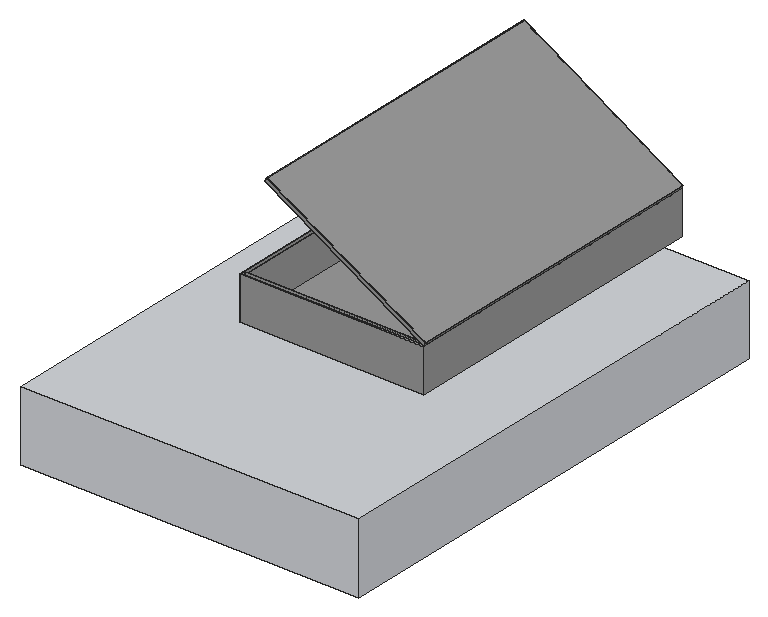
Revit family "Hager-Univers-IP44-D205-H1400-Cl.I-encl-NL-en", category Equipement électrique, Revit 2020
Family settings
  Hôte = Face
  Configuration du panneau = Deux colonnes, circuits au sein
  Cote de connecteur circulaire = Utiliser le diamètre
  Type d'élément = Tableau de raccordement
  Couper avec des vides une fois chargée = Non
  Partagée = Non
  Point de calcul de pièce = Non
Parameters (values of type "Surface mounted (plaster) IP44 W800 H1400 D205  - FP93QT")
  Width Control [instance] = if([EF000008 - Width] > Min Width, [EF000008 - Width], Min Width)  # 800 mm
  Commentaires du type = [HG000003 - Range]  # "Univers"
  Thickness Door [instance] = if([EF009171 - Material plate thickness door/cover] > 3 mm, 3 mm, [EF009171 - Material plate thickness door/cover])  # 1 mm
  Seal Frame Offset [instance] = 17 mm  # constant formula
  Plinth Visibility [instance] = [HG000027 - Plinth height] > 0 mm  # no
  Model = ""
  Min Width [instance] = 100 mm  # constant formula
  Min Height [instance] = 100 mm  # constant formula
  Min Depth [instance] = (2 * [EF009170 - Material plate thickness cabinet]) + 1 mm  # 3 mm
  Internal Frame Depth [instance] = (Door System Depth * 0.5)  # 9 mm
  Height Control [instance] = if([EF000040 - Height] > Min Height, [EF000040 - Height], Min Height)  # 1400 mm
  HG000027 - Plinth height = 0 mm
  HG000026 - Floor standing = no
  HG000024 - Bottom section height = 800 mm
  HG000023 - Double section enclosure = no
  HG000016 - Door 3d visibility [instance] = yes
  HG000015 - Clearance visibility [instance] = no
  HG000014 - Door on the right [instance] = yes
  HG000013 - Door on the left [instance] = not([HG000014 - Door on the right])  # no
  HG000012 - Door swing angle [instance] = 30.00°
  HG000010 - Asymmetric doors = no
  HG000009 - Double swing door = no
  HG000006 - Flush mounted = no
  HG000004 - Manufacturer reference = "FP93QT"
  HG000003 - Range = "Univers"
  HG000002 - With door or cover = yes
  Frame Offset Bottom [instance] = 10 mm  # constant formula
  Frame Offset [instance] = 15 mm  # constant formula
  EF015940 - Cover with overpressure release = no
  EF011959 - Degree of protection (NEMA) = ""
  EF009554 - Number of openings for flange plates = 6
  EF009212 - Cover model = "EV000116 - Closed"
  EF009171 - Material plate thickness door/cover = 1 mm
  EF009170 - Material plate thickness cabinet = 1 mm
  Fabricant = "Hager"  # constant formula
  EF008873 - Nominal current (In) = 250 A
  EF007800 - Suitable for lightning protection = no
  EF006306 - With lock = no
  EF006244 - Transparent cover/door = no
  EF005474 - Degree of protection (IP) = "EV006418 - IP44"
  EF004464 - Type of door = "EV002646 - Single"
  EF004427 - Number of modules = 324
  EF004293 - Impact strength = "EV006815 - IK09"
  EF003532 - Suitable for outdoor use = no
  EF002950 - Width in number of modular spacings = 36
  EF001613 - Circuit integrity = "EV000494 - None"
  EF001596 - Material housing = "EV000179 - Steel"
  EF001131 - Internal depth = 130 mm
  EF001088 - Extension possible = yes
  EF000437 - Number of conduit inlets = 6
  EF000339 - Type of cover = "EV001012 - Cover"
  EF000266 - Number of rows = 9
  EF000218 - Built-in depth = 0 mm
  EF000118 - With mounting plate = no
  EF000116 - RAL-number = "9010"
  EF000049 - Depth = 205 mm
  EF000040 - Height = 1400 mm
  EF000008 - Width = 800 mm
  EF000007 - Colour = "EV000202 - White"
  EF000003 - Mounting method = "EV000384 - Surface mounted (plaster)"
  Door System Leaf Tolerance [instance] = 1.5 mm  # constant formula
  Door System Depth [instance] = 18 mm  # constant formula
  Door Height [instance] = Height Control - [HG000027 - Plinth height]  # 1400 mm
  Depth Control [instance] = if([EF000049 - Depth] > Min Depth, [EF000049 - Depth], Min Depth)  # 205 mm
  Default Elevation = 0 mm
  Connector Offset [instance] = Height Control / 2  # 700 mm
  Bottom Top Plate Trim [instance] = 1.5 mm  # constant formula
  Plinth height Ctrl [instance] = if([HG000027 - Plinth height] > 0 mm, [HG000027 - Plinth height], 12 mm)  # 12 mm
Types (4, lengths in mm): name | Width Control | HG000004 - Manufacturer reference | EF009554 - Number of openings for flange plates | EF004464 - Type of door | EF004427 - Number of modules | EF002950 - Width in number of modular spacings | EF000437 - Number of conduit inlets | EF000008 - Width
  Surface mounted (plaster) IP44 W1300 H1400 D205  - FP95QT | 1300 | "FP95QT" | 10 | "EV003602 - Double" | 540 | 60 | 10 | 1300
  Surface mounted (plaster) IP44 W300 H1400 D205  - FP91QT | 300 | "FP91QT" | 2 | "EV002646 - Single" | 108 | 12 | 2 | 300
  Surface mounted (plaster) IP44 W550 H1400 D205  - FP92QT | 550 | "FP92QT" | 4 | "EV002646 - Single" | 216 | 24 | 4 | 550
  Surface mounted (plaster) IP44 W800 H1400 D205  - FP93QT | 800 | "FP93QT" | 6 | "EV002646 - Single" | 324 | 36 | 6 | 800
Reference planes
  plane 1 "Center (Front/Back)": y = 0
  plane 2: z = 0
  plane 3 "Center (Left/Right)": x = 0
  plane 4: z = 205
  plane 5: y = 1
  plane 6: y = 700
  plane 7: y = 0
  plane 8: y = 1400
  plane 9: z = 0
  plane 10: x = -385
  plane 11: x = 385
  plane 12: x = 384
  plane 13: x = -384
  plane 14: y = 1399
  plane 15: x = -383
  plane 16: x = -400
  plane 17: x = 383
  plane 18: x = 400
  plane 19: x = 399
  plane 20: x = -399
  plane 21: y = 11
  plane 22: y = 1400
  plane 23: y = 1384
  plane 24: z = 187
  plane 25: z = 1
  plane 26: z = 186
  plane 27: z = 204
Forms (mm)
  Extrusion 1, solid
    sketch origin (0, 0, 0) x (1, 0, 0) y (0, 1, 0)
      loop
        line (-702.964, 1305) -> (-702.964, -811.445) -> (766.763, -811.445) -> (766.763, 1305) -> (-702.964, 1305)
    from 0 to -304.8
  Extrusion 2, solid, material "Hager_Steel_RAL7035_Light_Grey", visible <- "Plinth Visibility", detail levels medium+fine
    sketch origin (0, 0, 0) x (1, 0, 0) y (0, 1, 0)
      loop
        line (-400, 0) -> (400, 0) -> (400, 12) -> (-400, 12) -> (-400, 0)
    from 0 to 187
  Extrusion 3, solid, material "Hager_Steel_RAL7035_Light_Grey", detail levels medium+fine
    sketch origin (0, 0, 0) x (1, 0, 0) y (0, 1, 0)
      loop
        line (-400, 0) -> (400, 0) -> (400, 1400) -> (-400, 1400) -> (-400, 0)
    from 0 to 187
  Extrusion 4, void
    sketch origin (0, 0, 0) x (1, 0, 0) y (0, 1, 0)
      loop
        line (-399, 1) -> (399, 1) -> (399, 1399) -> (-399, 1399) -> (-399, 1)
    from 1 to 186
  Extrusion 5, void
    sketch origin (-381.607, -4572, 187) x (0, -1, 0) y (-1, 0, 0)
      loop
        line (-4583, 2.393) -> (-5956, 2.393) -> (-5956, -765.607) -> (-4583, -765.607) -> (-4583, 2.393)
    from 0 to 1 <- "EF009170 - Material plate thickness cabinet"
  Extrusion 6, solid, material "Hager_Steel_RAL7035_Light_Grey", detail levels fine
    sketch origin (0, 0, 187) x (1, 0, 0) y (0, 1, 0)
      loop
        line (-384, 1384) -> (-384, 11) -> (384, 11) -> (384, 1384) -> (-384, 1384)
      loop
        line (-385, 10) -> (385, 10) -> (385, 1385) -> (-385, 1385) -> (-385, 10)
    from 0 to 9 <- "Internal Frame Depth"
  Extrusion 7, solid, material "Hager_Steel_RAL7035_Light_Grey", detail levels coarse
    sketch origin (0, 0, 0) x (1, 0, 0) y (0, 1, 0)
      loop
        line (-400, 0) -> (400, 0) -> (400, 1400) -> (-400, 1400) -> (-400, 0)
    from 0 to 205
  Sweep 8, void
    path in 3D
      loop
        line (-400, 12, 0) -> (400, 12, 0) -> (400, 12, 187) -> (-400, 12, 187) -> (-400, 12, 0)
    profile origin (-400, 12, 93.5) x (-1, 0, 0) y (0, -1, 0)
      loop
        line (0, 0) -> (0, 1.5) -> (-1.5, 1.5)
        arc (-1.5, 1.5) -> (-1.061, 0.439) -> (0, 0) r 1.5
Cuts and joins
  Extrusion 4, Extrusion 5 cuts Extrusion 3
  Sweep 8 cuts Extrusion 2
Lines and regions (mm)
  Masking region 1
    outline origin (0, 0, 0) x (1, 0, 0) y (0, 0, 1)
      loop
        line (-400, 205) -> (-400, 0) -> (400, 0) -> (400, 205) -> (-400, 205)
  Masking region 2, detail levels medium+fine
    outline origin (0, 140, 0) x (0, 1, 0) y (0, 0, 1)
      loop
        line (-140, 0) -> (1260, 0) -> (1260, 187) -> (-140, 187) -> (-140, 0)
  Masking region 3, not visible, detail levels medium+fine
    outline origin (0, 297.922, 0) x (0, 1, 0) y (0, 0, 1)
      loop
        line (413.578, 0) -> (453.578, 0) -> (453.578, 194)
        arc (453.578, 194) -> (450.649, 201.071) -> (443.578, 204) r 10
        line (443.578, 204) -> (413.578, 204) -> (413.578, 0)
  Masking region 4, detail levels coarse
    outline origin (0, 0, 180) x (0, 1, 0) y (0, 0, 1)
      loop
        line (0, -180) -> (1400, -180) -> (1400, 25) -> (0, 25) -> (0, -180)
  Masking region 5, visible <- "Plinth Visibility", detail levels medium+fine
    outline origin (0, 52.24, 12.345) x (0, 0, -1) y (0, 1, 0)
      loop
        line (10.845, -40.24) -> (-173.155, -40.24)
        arc (-173.155, -40.24) -> (-173.594, -41.301) -> (-174.655, -41.74) r 1.5
        line (-174.655, -41.74) -> (-174.655, -52.24) -> (12.345, -52.24) -> (12.345, -41.74)
        arc (12.345, -41.74) -> (11.285, -41.301) -> (10.845, -40.24) r 1.5
  Masking region 6, detail levels medium+fine
    outline origin (-381.607, -4572, 187) x (-1, 0, 0) y (0, -1, 0)
      loop
        line (18.393, -5972) -> (18.393, -4572) -> (-781.607, -4572) -> (-781.607, -5972) -> (18.393, -5972)
  Masking region 7, visible <- "Plinth Visibility", detail levels medium+fine
    outline origin (-381.607, -4727, 187) x (-1, 0, 0) y (0, -1, 0)
      loop
        arc (16.893, -4739) -> (17.332, -4737.939) -> (18.393, -4737.5) r 1.5
        line (18.393, -4737.5) -> (18.393, -4727) -> (-781.607, -4727) -> (-781.607, -4737.5)
        arc (-781.607, -4737.5) -> (-780.546, -4737.939) -> (-780.107, -4739) r 1.5
        line (-780.107, -4739) -> (16.893, -4739)
  Masking region 8, detail levels coarse
    outline origin (-442.548, -4669.526, 187) x (-1, 0, 0) y (0, -1, 0)
      loop
        line (-42.548, -6069.526) -> (-42.548, -4669.526) -> (-842.548, -4669.526) -> (-842.548, -6069.526) -> (-42.548, -6069.526)
  sketch lines
    curve 1: line (-400, 12, 187) -> (-400, 12, 0)
    curve 2: line (400, 12, 187) -> (-400, 12, 187)
    curve 3: line (400, 12, 187) -> (400, 12, 0)
    curve 4: line (-400, 12, 0) -> (400, 12, 0)
Dimensions and locks
  "Depth Control": plane 4 to Extrusion 1
  "HG000027 - Plinth height": plane 1 "Center (Front/Back)" to plane 7
  "EF009170 - Material plate thickness cabinet": plane 5 to plane 7
  locked: connector elem to plane 3 "Center (Left/Right)"
  equal spacing: plane 8, plane 6, plane 7
  locked: connector elem to plane 6
  "EF009170 - Material plate thickness cabinet": plane 8 to plane 14
  "EF009170 - Material plate thickness cabinet": plane 10 to plane 13
  "EF009170 - Material plate thickness cabinet": plane 12 to plane 11
  "Frame Offset": plane 20 to plane 13
  "Frame Offset": plane 12 to plane 19
  "EF009170 - Material plate thickness cabinet": plane 16 to plane 20
  "EF009170 - Material plate thickness cabinet": plane 19 to plane 18
  "Seal Frame Offset": plane 16 to plane 15
  "Seal Frame Offset": plane 17 to plane 18
  "Frame Offset Bottom": plane 21 to plane 5
  "Frame Offset": plane 14 to plane 23
  equal spacing: plane 16, plane 3 "Center (Left/Right)", plane 18
  "Width Control": plane 16 to plane 18
  "EF009170 - Material plate thickness cabinet": plane 4 to plane 27
  "EF009170 - Material plate thickness cabinet": plane 24 to plane 26
  "EF009170 - Material plate thickness cabinet": plane 25 to level
  "Door System Depth": plane 4 to plane 24
  "Height Control": plane 1 "Center (Front/Back)" to Extrusion 7 sketch curve
  "Height Control": Masking region 4 sketch curve to plane 1 "Center (Front/Back)"
  "Height Control": plane 1 "Center (Front/Back)" to plane 22
  "Bottom Top Plate Trim": profile plane to Sweep 8 sketch curve
  "Bottom Top Plate Trim": Sweep 8 sketch curve to profile plane
  "Plinth height Ctrl": plane 1 "Center (Front/Back)" to Extrusion 2 sketch curve
  "Plinth height Ctrl": Masking region 5 sketch curve to plane 1 "Center (Front/Back)"
  "Plinth height Ctrl": plane 1 "Center (Front/Back)" to Masking region 7 sketch curve
  "Thickness Door": Extrusion 6 sketch curve to Extrusion 6 sketch curve  (x3)
  "Thickness Door": cut or joined group of Extrusion 3, Extrusion 4, Extrusion 5 to Extrusion 6 sketch curve
  radius of Masking region 3 sketch curve = 10 mm
  "Bottom Top Plate Trim": radius of Masking region 5 sketch curve  (x2)
  "Bottom Top Plate Trim": radius of Sweep 8 sketch curve
  "Bottom Top Plate Trim": radius of Masking region 7 sketch curve  (x2)
  aligned and locked: plane 2 to Extrusion 1
  aligned and locked: level to Extrusion 1
  aligned and locked: level to Masking region 1 sketch curve
  aligned and locked: Masking region 1 sketch curve to plane 18
  aligned and locked: Masking region 1 sketch curve to plane 16
  aligned and locked: plane 7 to Masking region 2 sketch curve
  aligned and locked: level to Masking region 3 sketch curve
  aligned and locked: Masking region 3 sketch curve to plane 27
  aligned and locked: level to Masking region 2 sketch curve
  aligned and locked: plane 1 "Center (Front/Back)" to Extrusion 2 sketch curve
  aligned and locked: Extrusion 3 sketch curve to plane 7
  aligned and locked: plane 16 to Extrusion 3 sketch curve
  aligned and locked: plane 18 to Extrusion 3 sketch curve
  aligned and locked: plane 20 to Extrusion 4 sketch curve
  aligned and locked: plane 19 to Extrusion 4 sketch curve
  aligned and locked: Extrusion 4 sketch curve to plane 5
  aligned and locked: Extrusion 4 to plane 25
  aligned and locked: plane 26 to Extrusion 4
  aligned and locked: plane 24 to Extrusion 3
  aligned and locked: Extrusion 5 sketch curve to plane 21
  aligned and locked: Extrusion 5 sketch curve to plane 13
  aligned and locked: Extrusion 5 sketch curve to plane 12
  aligned and locked: plane 18 to Extrusion 7 sketch curve
  aligned and locked: plane 1 "Center (Front/Back)" to Extrusion 7 sketch curve
  aligned and locked: plane 16 to Extrusion 7 sketch curve
  aligned and locked: plane 4 to Extrusion 7
  aligned and locked: Extrusion 7 to level
  aligned and locked: level to Masking region 4 sketch curve
  aligned and locked: Masking region 4 sketch curve to plane 1 "Center (Front/Back)"
  aligned and locked: Masking region 4 sketch curve to plane 4
  aligned and locked: nested 1 to level
  aligned and locked: nested 1 to plane 16
  aligned and locked: plane 8 to Extrusion 3 sketch curve
  aligned and locked: plane 23 to Extrusion 5 sketch curve
  aligned and locked: plane 14 to Extrusion 4 sketch curve
  aligned and locked: Masking region 2 sketch curve to plane 8
  aligned and locked: level to Masking region 5 sketch curve
  aligned and locked: plane 16 to Extrusion 2 sketch curve
  aligned and locked: plane 18 to Extrusion 2 sketch curve
  aligned and locked: Masking region 5 sketch curve to plane 24
  aligned and locked: Masking region 2 sketch curve to plane 24
  aligned and locked: plane 24 to Extrusion 2
  aligned and locked: profile plane to Sweep 8 sketch curve  (x2)
  aligned and locked: Masking region 6 sketch curve to plane 18
  aligned and locked: Masking region 6 sketch curve to plane 22
  aligned and locked: Masking region 6 sketch curve to plane 16
  aligned and locked: plane 8 to plane 22
  aligned and locked: Masking region 6 sketch curve to plane 7
  aligned and locked: Masking region 7 sketch curve to plane 16
  aligned and locked: Masking region 7 sketch curve to plane 1 "Center (Front/Back)"
  aligned and locked: Masking region 7 sketch curve to plane 18
  aligned and locked: Masking region 8 sketch curve to plane 1 "Center (Front/Back)"
  aligned and locked: Masking region 8 sketch curve to plane 18
  aligned and locked: Masking region 8 sketch curve to plane 22
  aligned and locked: Masking region 8 sketch curve to plane 16
  aligned and locked: nested 2 to plane 7
  aligned and locked: plane 3 "Center (Left/Right)" to nested 2
  aligned and locked: nested 2 to plane 24
  aligned and locked: Extrusion 6 sketch curve to cut or joined group of Extrusion 3, Extrusion 4, Extrusion 5  (x4)
Automatic sketch dimensions
  Extrusion 1 sketch curve to Extrusion 1 sketch curve = 1469.727 mm
  Extrusion 1 sketch curve to Extrusion 1 sketch curve = 2116.445 mm
  Masking region 1 sketch curve to plane 4 = 0 mm
  plane 6 to Masking region 3 sketch curve = 11.5 mm
  Masking region 3 sketch curve to Masking region 3 sketch curve = 30 mm
  Masking region 5 sketch curve to plane 1 "Center (Front/Back)" = 0 mm
Nested families
  nested 1: "Hager_Enclosure_Symbol" at (-400, 0, 0) x (1, 0, 0) z (0, -1, 0), Height <- "Depth Control", Width <- "Width Control", type "Hager_Enclosure_Symbol"
    with Width_Ctrl 800 mm, Width 800 mm, Height_Ctrl 205 mm, Height 205 mm, A_Width_Int 13.453 mm, A_Width 161.438 mm, A_Height_Ctrl 179.375 mm, A_Height 179.375 mm
  nested 2: "EC000058_Univers_Door" at (0, 0, 187) x (1, 0, 0) z (0, 1, 0), Leaf_Tolerance <- "Door System Leaf Tolerance", Angle <- "HG000012 - Door swing angle", Door_Depth <- "Door System Depth", Door_Left <- "HG000013 - Door on the left", Transparent <- "EF006244 - Transparent cover/door", Assymetrical <- "HG000010 - Asymmetric doors", Width <- "Width Control", Clearance <- "HG000015 - Clearance visibility", Double <- "HG000009 - Double swing door", 3d_Door <- "HG000016 - Door 3d visibility", Lock_Visibility <- "EF006306 - With lock", Width_Ctrl <- "Width Control", Door_Right <- "HG000014 - Door on the right", Door <- "HG000002 - With door or cover", Height <- "Door Height", Thickness <- "Thickness Door", type "EC000058_Univers_Door", detail levels medium+fine
    with min_wh 3 mm, Width_Ctrl 800 mm, Width 800 mm, Transparent no, Thickness 1 mm, Seal_Material Hager_Rubber, Lock_Visibility no, Lock_Material Hager_Plastic_RAL9005_Jet_Black, Leaf_Width 800 mm, Leaf_Tolerance_External_Sides 0 mm, Leaf_Tolerance 1.5 mm, Leaf_Offset 0 mm, Leaf_Height 1397 mm, Leaf_2_Width 800 mm, Leaf_2_Offset 400 mm, Leaf_1_Width 800 mm, Leaf_1_Offset 400 mm, Height_Ctrl 1400 mm, Height 1400 mm, Glass_Material Hager_Glass, Double_Clearance_Ctrl no, Double no, Door_Right_Ctrl yes, Door_Right yes, Door_Material Hager_Steel_RAL7035_Light_Grey, Door_Left_Ctrl no, Door_Left no, Door_Depth 18 mm, Door yes, Clearance_Material Hager_Clearance, Clearance_Depth 800 mm, Clearance_Ctrl no, Clearance no, Assymetrical no, Angle 30.00°, 3d_Door yes
Connectors
  electrical at (0, 700, 0)
    settings: on plane 9, index 1, voltage 0 V, apparent load 0 VA, apparent load phase1 0 VA, apparent load phase2 0 VA, apparent load phase3 0 VA, power factor 1, load classification "Other", number of poles 1, system type 30, power factor state 1, is connector primary yes, connector utility no, sub classification motor no, connector description ""
Definition of nested family "EC000058_Univers_Door"
  Parameters (values of type "EC000058_Univers_Door")
    min_wh [instance] = (2 * Thickness) + 1 mm  # 11 mm
    Width_Ctrl [instance] = 400 mm
    Width [instance] = 500 mm
    Transparent [instance] = yes
    Thickness [instance] = 5 mm
    Seal_Material [instance] = none
    Lock_Visibility [instance] = yes
    Lock_Material [instance] = none
    Leaf_Width [instance] = if((Width_Ctrl - 2 * Leaf_Tolerance_External_Sides) > 0 mm, (Width_Ctrl - 2 * Leaf_Tolerance_External_Sides), min_wh)  # 400 mm
    Leaf_Tolerance_External_Sides [instance] = 0 mm  # constant formula
    Leaf_Tolerance [instance] = 1.5 mm
    Leaf_Offset [instance] = 0 mm  # constant formula
    Leaf_Height [instance] = if((Height_Ctrl - 2 * Leaf_Tolerance) > 0 mm, (Height_Ctrl - 2 * Leaf_Tolerance), min_wh)  # 497 mm
    Leaf_2_Width [instance] = if(and(and(Double, Assymetrical), Door_Left), (Leaf_Width / 3) - (Leaf_Tolerance / 2), if(and(and(Double, Assymetrical), Door_Right), (Leaf_Width / 3) * 2 - (Leaf_Tolerance / 2), if(and(Double, not(Assymetrical)), (Leaf_Width / 2) - Leaf_Tolerance, Leaf_Width)))  # 400 mm
    Leaf_2_Offset [instance] = if(and(Double, Assymetrical), Leaf_2_Width / 2, if(and(Double, not(Assymetrical)), Leaf_Width / 4, Leaf_Width / 2))  # 200 mm
    Leaf_1_Width [instance] = if(and(and(Double, Assymetrical), Door_Right), (Leaf_Width / 3) - (Leaf_Tolerance / 2), if(and(and(Double, Assymetrical), Door_Left), (Width / 3) * 2 - (Leaf_Tolerance / 2), if(and(Double, not(Assymetrical)), (Leaf_Width / 2) - Leaf_Tolerance, Leaf_Width)))  # 400 mm
    Leaf_1_Offset [instance] = if(and(Double, Assymetrical), Leaf_1_Width / 2, if(and(Double, not(Assymetrical)), Leaf_Width / 4, Leaf_Width / 2))  # 200 mm
    Height_Ctrl [instance] = if(Height > min_wh, Height, min_wh)  # 500 mm
    Height [instance] = 500 mm
    Glass_Material [instance] = none
    Double_Clearance_Ctrl [instance] = and(Double, Clearance)  # no
    Double [instance] = no
    Door_Right_Ctrl [instance] = and(or(Door_Right, Double), Door)  # yes
    Door_Right [instance] = yes
    Door_Material [instance] = none
    Door_Left_Ctrl [instance] = and(or(Door_Left, Double), Door)  # no
    Door_Left [instance] = no
    Door_Depth [instance] = 30 mm
    Door [instance] = yes
    Default Elevation = 1219.2 mm
    Clearance_Material [instance] = none
    Clearance_Depth [instance] = if(Leaf_1_Width > Leaf_2_Width, Leaf_1_Width, Leaf_2_Width)  # 400 mm
    Clearance_Ctrl [instance] = and(not(Double), Clearance)  # yes
    Clearance [instance] = yes
    Assymetrical [instance] = yes
    Angle [instance] = 30.00°
    3d_Door [instance] = yes
  Reference planes
    plane 1 "Center (Front/Back)": y = 0
    plane 2 "Bottom": z = 0
    plane 3 "Center (Left/Right)": x = 0
    plane 4: z = 500
    plane 5: x = -200
    plane 6: x = 200
    plane 7: z = 500
    plane 8: x = -200
    plane 9: z = 0
    plane 10: x = 200
    plane 11: y = 0
    plane 12: z = 1.5
    plane 13: x = -600
    plane 14: y = -400
    plane 15: x = 600
    plane 16: x = 0
    plane 17: x = 0
    plane 18: x = -200
    plane 19: x = 200
    plane 20: z = 498.5
  Forms (mm)
    Extrusion 1, solid, material <- "Clearance_Material", visible <- "Double_Clearance_Ctrl"
      sketch origin (1200, 0, 0) x (1, 0, 0) y (0, 0, -1)
        loop
          line (-1800, -498.5) -> (-600, -498.5) -> (-600, 0) -> (-1800, 0) -> (-1800, -498.5)
      from 0 to -400
  Dimensions and locks
    equal spacing: plane 5, plane 3 "Center (Left/Right)", plane 6
    "Width_Ctrl": plane 5 to plane 6
    "Leaf_Offset": plane 5 to plane 8
    "Leaf_Offset": plane 6 to plane 10
    "Leaf_Offset": plane 9 to level
    "Leaf_Offset": plane 4 to plane 7
    "Height_Ctrl": plane 4 to level
    "Leaf_Tolerance": plane 12 to plane 9
    locked: plane 11 to plane 1 "Center (Front/Back)"
    "Leaf_1_Offset": plane 18 to plane 16
    "Leaf_2_Offset": plane 17 to plane 19
    "Leaf_1_Width": plane 13 to plane 8
    "Leaf_2_Width": plane 10 to plane 15
    "Clearance_Depth": plane 14 to plane 1 "Center (Front/Back)"
    "Leaf_Tolerance_External_Sides": plane 8 to plane 18
    "Leaf_Tolerance_External_Sides": plane 19 to plane 10
    "Leaf_Tolerance": plane 7 to plane 20
    aligned and locked: level to plane 2 "Bottom"
    aligned and locked: nested 1 to plane 16
    aligned and locked: nested 2 to plane 17
    aligned and locked: Extrusion 1 to plane 13
    aligned and locked: plane 15 to Extrusion 1
    aligned and locked: Extrusion 1 to plane 14
    aligned and locked: plane 12 to nested 1
    aligned and locked: nested 2 to plane 12
    aligned and locked: Extrusion 1 to plane 11
    aligned and locked: plane 20 to Extrusion 1
    aligned and locked: nested 2 to plane 11
    aligned and locked: nested 1 to plane 11
  Automatic sketch dimensions
    Extrusion 1 sketch curve to level = 0 mm
    plane 5 to Extrusion 1 sketch curve = 400 mm
    plane 6 to Extrusion 1 sketch curve = 400 mm
    Extrusion 1 sketch curve to plane 4 = 1.5 mm
  Nested families
    nested 1: "EC000058_Univers_Door_Leaf" at (0, 0, 1.5), Width <- "Leaf_1_Width", visible <- "Door_Left_Ctrl", Leaf_Height <- "Leaf_Height", Angle <- "Angle", 3d_Door <- "3d_Door", Transparent <- "Transparent", Clearance Material <- "Clearance_Material", Clearance <- "Clearance_Ctrl", Door_Material <- "Door_Material", Glass_Material <- "Glass_Material", Door_Depth <- "Door_Depth", Lock_Material <- "Lock_Material", Seal_Material <- "Seal_Material", Lock_Visibility <- "Lock_Visibility", Thickness <- "Thickness", type "EC000058_Univers_Door_Leaf"
      with Width 400 mm, Transparent_Glass_Offset 30 mm, Transparent_Ctrl yes, Transparent yes, Thickness 5 mm, Standard no, Seal_Material none, Seal_D2 8 mm, Seal_D1 1 mm, Offset_Internal_Frame 10 mm, Lock_Width 20 mm, Lock_Visibility_3d yes, Lock_Visibility yes, Lock_Thickness_3 3 mm, Lock_Thickness_2 1 mm, Lock_Thickness_1 3 mm, Lock_Radius_Offset_2 16 mm, Lock_Radius_Offset_1 15 mm, Lock_Radius_2 5 mm, Lock_Radius 6 mm, Lock_Offset 5 mm, Lock_Material none, Lock_Height 80 mm, Lock_Cover_Top_Offset_2d 17 mm, Lock_Cover_Height -65 mm, Leaf_Height 497 mm, Internal_Seal_Thickness 8 mm, Internal_Seal_Depth_2 4.5 mm, Internal_Frame_Depth 25 mm, Glass_Thickness -1 mm, Glass_Offset -2 mm, Glass_Material none, Door_Material none, Door_Depth 30 mm, Clearance Material none, Clearance yes, Angle_Ctrl 30.00°, Angle 30.00°, 3d_Door yes
    nested 2: "EC000058_Univers_Door_Leaf" at (0, 0, 1.5) x (-1, 0, 0) z (0, 0, 1), Width <- "Leaf_2_Width", visible <- "Door_Right_Ctrl", Leaf_Height <- "Leaf_Height", Angle <- "Angle", 3d_Door <- "3d_Door", Transparent <- "Transparent", Clearance Material <- "Clearance_Material", Clearance <- "Clearance_Ctrl", Door_Material <- "Door_Material", Glass_Material <- "Glass_Material", Door_Depth <- "Door_Depth", Lock_Material <- "Lock_Material", Seal_Material <- "Seal_Material", Lock_Visibility <- "Lock_Visibility", Thickness <- "Thickness", type "EC000058_Univers_Door_Leaf"
      with Width 400 mm, Transparent_Glass_Offset 30 mm, Transparent_Ctrl yes, Transparent yes, Thickness 5 mm, Standard no, Seal_Material none, Seal_D2 8 mm, Seal_D1 1 mm, Offset_Internal_Frame 10 mm, Lock_Width 20 mm, Lock_Visibility_3d yes, Lock_Visibility yes, Lock_Thickness_3 3 mm, Lock_Thickness_2 1 mm, Lock_Thickness_1 3 mm, Lock_Radius_Offset_2 16 mm, Lock_Radius_Offset_1 15 mm, Lock_Radius_2 5 mm, Lock_Radius 6 mm, Lock_Offset 5 mm, Lock_Material none, Lock_Height 80 mm, Lock_Cover_Top_Offset_2d 17 mm, Lock_Cover_Height -65 mm, Leaf_Height 497 mm, Internal_Seal_Thickness 8 mm, Internal_Seal_Depth_2 4.5 mm, Internal_Frame_Depth 25 mm, Glass_Thickness -1 mm, Glass_Offset -2 mm, Glass_Material none, Door_Material none, Door_Depth 30 mm, Clearance Material none, Clearance yes, Angle_Ctrl 30.00°, Angle 30.00°, 3d_Door yes
  Definition of nested family "EC000058_Univers_Door_Leaf"
    Parameters (values of type "EC000058_Univers_Door_Leaf")
      Width [instance] = 2000 mm
      Transparent_Glass_Offset [instance] = 30 mm
      Transparent_Ctrl [instance] = and(Transparent, [3d_Door])  # yes
      Transparent [instance] = yes
      Thickness [instance] = 5 mm
      Standard [instance] = and(not(Transparent), [3d_Door])  # no
      Seal_Material [instance] = none
      Seal_D2 [instance] = 8 mm  # constant formula
      Seal_D1 [instance] = 1 mm  # constant formula
      Offset_Internal_Frame [instance] = 10 mm  # constant formula
      Lock_Width [instance] = 20 mm  # constant formula
      Lock_Visibility_3d [instance] = and(Lock_Visibility, [3d_Door])  # yes
      Lock_Visibility [instance] = yes
      Lock_Thickness_3 [instance] = 3 mm  # constant formula
      Lock_Thickness_2 [instance] = 1 mm  # constant formula
      Lock_Thickness_1 [instance] = 3 mm  # constant formula
      Lock_Radius_Offset_2 [instance] = Lock_Radius_Offset_1 + 1 mm  # 16 mm
      Lock_Radius_Offset_1 [instance] = 15 mm  # constant formula
      Lock_Radius_2 [instance] = Lock_Radius - 1 mm  # 5 mm
      Lock_Radius [instance] = 6 mm  # constant formula
      Lock_Offset [instance] = 5 mm  # constant formula
      Lock_Material [instance] = none
      Lock_Height [instance] = 80 mm  # constant formula
      Lock_Cover_Top_Offset_2d [instance] = Lock_Radius_Offset_2 + 1 mm  # 17 mm
      Lock_Cover_Height [instance] = -(Lock_Height - Lock_Radius_Offset_1)  # -65 mm
      Leaf_Height [instance] = 2720.336 mm
      Internal_Seal_Thickness [instance] = 8 mm  # constant formula
      Internal_Seal_Depth_2 [instance] = 4.5 mm  # constant formula
      Internal_Frame_Depth [instance] = if(Door_Depth - Thickness > 5 mm, Door_Depth - Thickness, 5 mm)  # 25 mm
      Glass_Thickness [instance] = if(Thickness > 15 mm, Glass_Offset + 10 mm, -1 mm)  # -1 mm
      Glass_Offset [instance] = if(Thickness > 15 mm, -(Thickness + 10 mm) / 2, -2 mm)  # -2 mm
      Glass_Material [instance] = none
      Door_Material [instance] = none
      Door_Depth [instance] = 30 mm
      Default Elevation = 0 mm
      Clearance Material [instance] = none
      Clearance [instance] = yes
      Angle_Ctrl [instance] = if(Angle > 180.00°, 180.00°, Angle)  # 90.00°
      Angle [instance] = 90.00°
      3d_Door [instance] = yes
    Reference planes
      plane 1 "Center (Front/Back)": y = 0
      plane 2: z = 0
      plane 3 "Center (Left/Right)": x = 0
      plane 4: y = 2000
      plane 5: x = -1000
      plane 6: x = 1000
      plane 7: x = -3000
      plane 8: z = 2720.336
      plane 9: z = 30
      plane 10: z = 2690.336
      plane 11: x = 970
      plane 12: x = -970
      plane 13: y = -3
      plane 14: z = 107.833
      plane 15: y = -5
      plane 16: y = -223.314
      plane 17: x = -1000
      plane 18: z = 1360.168
      plane 19: y = 30
    Forms (mm)
      Extrusion 1, solid, material <- "Clearance Material", visible <- "Clearance"
        sketch origin (0, 0, 0) x (1, 0, 0) y (0, 0, 1)
          loop
            line (-3000, 2720.336) -> (-3000, 0) -> (1000, 0) -> (1000, 2720.336) -> (-3000, 2720.336)
        from 0 to -2000
      Extrusion 2, solid, material <- "Door_Material", visible <- "Standard", detail levels medium+fine
        sketch origin (-1000, 0, 0) x (0, 1, 0) y (-1, 0, 0)
          loop
            line (0, 30) -> (0, 25) -> (2000, 25) -> (2000, 30) -> (0, 30)
        from 0 to 2720.336 <- "Leaf_Height"
      Extrusion 3, solid, material <- "Door_Material", visible <- "Transparent_Ctrl", detail levels medium+fine
        sketch origin (-1000, 0, 0) x (0, 1, 0) y (-1, 0, 0)
          loop
            line (0, 25) -> (2000, 25) -> (2000, 30) -> (0, 30) -> (0, 25)
        from 0 to 2720.336 <- "Leaf_Height"
      Extrusion 4, void
        sketch origin (-1025, 2000, 0) x (0, 1, 0) y (0, 0, -1)
          loop
            line (-30, -2690.336) -> (-30, -30) -> (-1970, -30) -> (-1970, -2690.336) -> (-30, -2690.336)
        from 0 to 5 <- "Thickness"
      Sweep 5, solid, material <- "Seal_Material", visible <- "Transparent_Ctrl", detail levels fine
        path in 3D
          loop
            line (-1025, 30, 30) -> (-1025, 30, 2690.336) -> (-1025, 1970, 2690.336) -> (-1025, 1970, 30) -> (-1025, 30, 30)
        profile origin (-1025, 1000, 30) x (1, 0, 0) y (0, 0, 1)
          loop
            line (0, 0) -> (0, -8) -> (1, -8) -> (1, 0) -> (0, 0)
      Extrusion 6, solid, material <- "Glass_Material", visible <- "Transparent_Ctrl", detail levels medium+fine
        sketch origin (-1030, 0, 0) x (0, 1, 0) y (0, 0, -1)
          loop
            line (1970, -2690.336) -> (1970, -30) -> (30, -30) -> (30, -2690.336) -> (1970, -2690.336)
        from -2 <- "Glass_Offset" to -1 <- "Glass_Thickness"
      Extrusion 7, solid, material <- "Door_Material", visible <- "3d_Door", detail levels medium+fine
        sketch origin (-1025, 2000, 0) x (0, -1, 0) y (0, 0, -1)
          loop
            line (0, -2720.336) -> (2000, -2720.336) -> (2000, 0) -> (0, 0) -> (0, -2720.336)
          loop
            line (1995, -5) -> (5, -5) -> (5, -2715.336) -> (1995, -2715.336) -> (1995, -5)
        from 0 to 25 <- "Internal_Frame_Depth"
      Sweep 8, solid, material <- "Seal_Material", visible <- "Transparent_Ctrl", detail levels fine
        path in 3D
          loop
            line (-1025, 0, 0) -> (-1025, 2000, 0) -> (-1025, 2000, 2720.336) -> (-1025, 0, 2720.336) -> (-1025, 0, 0)
        profile origin (-1025, 0, 1360.168) x (1, 0, 0) y (0, 1, 0)
          loop
            line (0, 10) -> (2.975, 10)
            arc (2.975, 10) -> (4.053, 10.447) -> (4.5, 11.525) r 1.525
            line (4.5, 11.525) -> (4.5, 16.527)
            arc (4.5, 16.527) -> (4.069, 17.569) -> (3.027, 18) r 1.473
            line (3.027, 18) -> (0, 18) -> (0, 10)
      Extrusion 9, solid, material <- "Lock_Material", visible <- "Lock_Visibility_3d", detail levels fine
        sketch origin (-1030, 0, 0) x (0, 1, 0) y (0, 0, -1)
          loop
            arc (1993.5, -1400.168) -> (1994.561, -1399.729) -> (1995, -1398.668) r 1.5
            line (1995, -1398.668) -> (1995, -1320.168) -> (1975, -1320.168) -> (1975, -1398.668)
            arc (1975, -1398.668) -> (1975.439, -1399.729) -> (1976.5, -1400.168) r 1.5
            line (1976.5, -1400.168) -> (1993.5, -1400.168)
        from 3 <- "Lock_Thickness_1" to 0
      Blend 10, solid, material <- "Lock_Material", visible <- "Lock_Visibility_3d", detail levels fine
        base sketch origin (-1033, 0, 0) x (0, 1, 0) y (0, 0, -1)
          loop
            line (1975, -1320.168) -> (1975, -1398.668)
            arc (1975, -1398.668) -> (1975.439, -1399.729) -> (1976.5, -1400.168) r 1.5
            line (1976.5, -1400.168) -> (1993.5, -1400.168)
            arc (1993.5, -1400.168) -> (1994.561, -1399.729) -> (1995, -1398.668) r 1.5
            line (1995, -1398.668) -> (1995, -1320.168) -> (1975, -1320.168)
        top sketch origin (-1033, 0, 0) x (0, 1, 0) y (0, 0, -1)
          loop
            line (1976, -1320.168) -> (1976, -1398.668)
            arc (1976, -1398.668) -> (1976.146, -1399.022) -> (1976.5, -1399.168) r 0.5
            line (1976.5, -1399.168) -> (1993.5, -1399.168)
            arc (1993.5, -1399.168) -> (1993.854, -1399.022) -> (1994, -1398.668) r 0.5
            line (1994, -1398.668) -> (1994, -1320.168) -> (1976, -1320.168)
        from 0 to 1 <- "Lock_Thickness_2"
      Blend 11, solid, material <- "Lock_Material", visible <- "Lock_Visibility_3d", detail levels fine
        base sketch origin (-1034, 0, 0) x (0, 1, 0) y (0, 0, -1)
          loop
            line (1978, -1320.168) -> (1978, -1384.168)
            arc (1978, -1384.168) -> (1985, -1391.168) -> (1992, -1384.168) r 7
            line (1992, -1384.168) -> (1992, -1320.168) -> (1978, -1320.168)
        top sketch origin (-1034, 0, 0) x (0, 1, 0) y (0, 0, -1)
          loop
            line (1991, -1320.168) -> (1979, -1320.168) -> (1979, -1383.168)
            arc (1979, -1383.168) -> (1985, -1389.168) -> (1991, -1383.168) r 6
            line (1991, -1383.168) -> (1991, -1320.168)
        from 0 to 3 <- "Lock_Thickness_3"
      Extrusion 12, solid, material <- "Lock_Material", visible <- "Lock_Visibility_3d", detail levels fine
        sketch origin (-1030, 1975, 1320.168) x (1, 0, 0) y (0, -1, 0)
          loop
            line (-7, -19) -> (-7, -1) -> (0, -1) -> (0, 0) -> (-8, 0) -> (-8, -20) -> (0, -20) -> (0, -19) -> (-7, -19)
        from 0 to -65 <- "Lock_Cover_Height"
      Extrusion 13, void
        sketch origin (-1038, 1995, 1320.168) x (-1, 0, 0) y (0, 0, -1)
          loop
            line (-5, -65) -> (0, -65) -> (-5, -60) -> (-5, -65)
        from 0 to 20 <- "Lock_Width"
      Extrusion 14, void
        sketch origin (-1038, 1975, 1320.168) x (0, -1, 0) y (0, 0, -1)
          loop
            circle (-10, -15.995) r 6
          loop
            circle (-10, -15.995) r 5
        from 0 to 2
      Extrusion 15, solid, material <- "Lock_Material", visible <- "Lock_Visibility_3d", detail levels medium
        sketch origin (-1030, 0, 0) x (0, 1, 0) y (0, 0, -1)
          loop
            arc (1993.5, -1400.168) -> (1994.561, -1399.729) -> (1995, -1398.668) r 1.5
            line (1995, -1398.668) -> (1995, -1320.168) -> (1975, -1320.168) -> (1975, -1398.668)
            arc (1975, -1398.668) -> (1975.439, -1399.729) -> (1976.5, -1400.168) r 1.5
            line (1976.5, -1400.168) -> (1993.5, -1400.168)
        from 8 to 0
    Cuts and joins
      Extrusion 4 cuts Extrusion 3
      Extrusion 13, Extrusion 14 cuts Extrusion 9
      Extrusion 14 cuts Blend 11
      Extrusion 13, Extrusion 14 cuts Extrusion 12
      joined: Extrusion 9, Blend 10, Blend 11, Extrusion 12
      Extrusion 14 cuts Extrusion 15
    Lines and regions (mm)
      Masking region 1, visible <- "Lock_Visibility", detail levels fine
        outline origin (0, 0, 0) x (0, 1, 0) y (0, 0, 1)
          loop
            line (30, 1320.168) -> (33, 1320.168) -> (33, 1400.168) -> (30, 1400.168) -> (30, 1320.168)
      Masking region 2, visible <- "Lock_Visibility", detail levels fine
        outline origin (0, 3.143, 0) x (0, 1, 0) y (0, 0, 1)
          loop
            line (29.857, 1354.168) -> (30.857, 1354.168) -> (30.857, 1366.168) -> (29.857, 1366.168) -> (29.857, 1354.168)
      Masking region 3, detail levels medium+fine
        outline origin (0, 0, 0) x (0, 1, 0) y (0, 0, 1)
          loop
            line (0, 0) -> (30, 0) -> (30, 2720.336) -> (0, 2720.336) -> (0, 0)
      Masking region 4, detail levels medium+fine
        outline origin (0, 0, 0) x (1, 0, 0) y (0, 0, 1)
          loop
            line (-1000, 2720.336) -> (-1000, 0) -> (1000, 0) -> (1000, 2720.336) -> (-1000, 2720.336)
      Masking region 5, visible <- "Lock_Visibility", detail levels fine
        outline origin (-47.116, 0, 0) x (1, 0, 0) y (0, 0, 1)
          loop
            arc (1024.616, 1399.168) -> (1023.556, 1398.729) -> (1023.116, 1397.668) r 1.5
            line (1023.116, 1397.668) -> (1023.116, 1320.168) -> (1041.116, 1320.168) -> (1041.116, 1397.668)
            arc (1041.116, 1397.668) -> (1040.677, 1398.729) -> (1039.616, 1399.168) r 1.5
            line (1039.616, 1399.168) -> (1024.616, 1399.168)
      Masking region 6, visible <- "Lock_Visibility", detail levels medium+fine
        outline origin (-25, 0, 0) x (1, 0, 0) y (0, 0, 1)
          loop
            arc (1001.5, 1400.168) -> (1000.439, 1399.729) -> (1000, 1398.668) r 1.5
            line (1000, 1398.668) -> (1000, 1320.168) -> (1020, 1320.168) -> (1020, 1398.668)
            arc (1020, 1398.668) -> (1019.561, 1399.729) -> (1018.5, 1400.168) r 1.5
            line (1018.5, 1400.168) -> (1001.5, 1400.168)
      Masking region 7, visible <- "Lock_Visibility", detail levels fine
        outline origin (-73.735, 0, 0) x (1, 0, 0) y (0, 0, 1)
          loop
            line (1051.735, 1382.168) -> (1065.735, 1382.168) -> (1065.735, 1384.168)
            arc (1065.735, 1384.168) -> (1058.735, 1391.168) -> (1051.735, 1384.168) r 7
            line (1051.735, 1384.168) -> (1051.735, 1382.168)
      Masking region 8, visible <- "Lock_Visibility", detail levels fine
        outline origin (-73.735, 0, 0) x (1, 0, 0) y (0, 0, 1)
          loop
            line (1052.735, 1382.168) -> (1064.735, 1382.168) -> (1064.735, 1383.168)
            arc (1064.735, 1383.168) -> (1058.735, 1389.168) -> (1052.735, 1383.168) r 6
            line (1052.735, 1383.168) -> (1052.735, 1382.168)
      Masking region 9, visible <- "Lock_Visibility", detail levels fine
        outline origin (-25, 0, 0) x (1, 0, 0) y (0, 0, 1)
          loop
            line (1020, 1320.168) -> (1020, 1382.168) -> (1000, 1382.168) -> (1000, 1320.168) -> (1020, 1320.168)
      Masking region 10, detail levels medium+fine
        outline origin (0, 0, 0) x (1, 0, 0) y (0, 0, 1)
          loop
            circle (985, 1335.144) r 6
      Masking region 11, detail levels fine
        outline origin (0, 0, 0) x (1, 0, 0) y (0, 0, 1)
          loop
            circle (985, 1335.144) r 5
      Masking region 12, visible <- "Lock_Visibility", detail levels fine
        outline origin (0, 12.767, 0) x (0, 1, 0) y (0, 0, 1)
          loop
            line (20.233, 1320.168) -> (21.233, 1320.168) -> (21.233, 1399.168) -> (20.233, 1400.168) -> (20.233, 1320.168)
      Masking region 13, visible <- "Lock_Visibility", detail levels fine
        outline origin (0, 13.767, -10) x (0, 1, 0) y (0, 0, 1)
          loop
            line (20.233, 1330.168) -> (23.233, 1330.168) -> (23.233, 1399.168) -> (20.233, 1402.168) -> (20.233, 1330.168)
      Masking region 14, visible <- "Lock_Visibility", detail levels fine
        outline origin (0, 12.767, -10) x (0, 1, 0) y (0, 0, 1)
          loop
            line (20.233, 1330.168) -> (25.233, 1330.168) -> (25.233, 1399.305) -> (20.233, 1394.305) -> (20.233, 1330.168)
      Masking region 15, visible <- "Lock_Visibility", detail levels medium
        outline origin (0, 0, 0) x (0, 1, 0) y (0, 0, 1)
          loop
            line (30, 1320.168) -> (38, 1320.168) -> (38, 1400.168) -> (30, 1400.168) -> (30, 1320.168)
      Masking region 16, visible <- "Lock_Visibility", detail levels fine
        outline origin (-1000, 0, 0) x (0, 1, 0) y (-1, 0, 0)
          loop
            line (1975, 30) -> (1995, 30) -> (1995, 38) -> (1975, 38) -> (1975, 30)
          loop
            line (1979, 37) -> (1976, 37) -> (1976, 34) -> (1978, 34) -> (1979, 37)
          loop
            line (1994, 37) -> (1991, 37) -> (1992, 34) -> (1994, 34) -> (1994, 37)
      Masking region 17, visible <- "Lock_Visibility", detail levels medium
        outline origin (-1000, 0, 0) x (0, 1, 0) y (-1, 0, 0)
          loop
            line (1975, 30) -> (1995, 30) -> (1995, 38) -> (1975, 38) -> (1975, 30)
      symbolic lines
        curve 1: line (1000, 0, 0) -> (-3000, 0, 0)
        curve 2: arc (1000, 0, 0) -> (-1000, 2000, 0) -> (-3000, 0, 0) r 2000
        curve 4: line (-1030, 0, 0) -> (-1030, 2000, 0)
      reference lines
        curve 3: line (-1000, 0, 0) -> (-1000, 2000, 0)
      symbolic lines, detail levels medium+fine
        curve 5: line (-1030, 2000, 0) -> (-1025, 2000, 0)
        curve 7: line (-1025, 0, 0) -> (-1030, 0, 0)
        curve 8: line (-1025, 0, 0) -> (-1000, 0, 0)
        curve 9: line (-1000, 0, 0) -> (-1000, 2000, 0)
        curve 10: line (-1000, 2000, 0) -> (-1025, 2000, 0)
      symbolic lines, detail levels fine
        curve 6: line (-1025, 2000, 0) -> (-1025, 0, 0)
      sketch lines
        curve 11: line (-1025, 0, 2720.336) -> (-1025, 0, 0)
        curve 12: line (-1025, 2000, 0) -> (-1025, 0, 0)
        curve 13: line (-1025, 2000, 2720.336) -> (-1025, 2000, 0)
        curve 14: line (-1025, 0, 2720.336) -> (-1025, 2000, 2720.336)
        curve 15: line (-1025, 1970, 30) -> (-1025, 30, 30)
        curve 16: line (-1025, 30, 30) -> (-1025, 30, 2690.336)
        curve 17: line (-1025, 1970, 2690.336) -> (-1025, 1970, 30)
        curve 18: line (-1025, 30, 2690.336) -> (-1025, 1970, 2690.336)
      symbolic lines, visible <- "Transparent", detail levels medium+fine
        curve 19: line (-970, 0, 2690.336) -> (970, 0, 2690.336)
        curve 20: line (-970, 0, 30) -> (-970, 0, 2690.336)
        curve 21: line (970, 0, 30) -> (-970, 0, 30)
        curve 22: line (970, 0, 2690.336) -> (970, 0, 30)
    Dimensions and locks
      "Width": plane 1 "Center (Front/Back)" to plane 4
      equal spacing: plane 5, plane 3 "Center (Left/Right)", plane 6
      "Width": plane 5 to plane 6
      "Width": plane 7 to plane 5
      "Leaf_Height": plane 8 to level
      "Width": curve 5 to curve 3
      "Width": curve 3 to curve 3
      plane 8 to plane 10 = 30 mm
      plane 9 to level = 30 mm
      plane 12 to plane 5 = 30 mm
      plane 6 to plane 11 = 30 mm
      Extrusion 1 to Extrusion 4 sketch curve = 30 mm
      "Transparent_Glass_Offset": curve 3 to Extrusion 4 sketch curve
      "Transparent_Glass_Offset": Extrusion 4 sketch curve to cut or joined group of Extrusion 3, Extrusion 4  (x2)
      cut or joined group of Extrusion 3, Extrusion 4 to Extrusion 6 sketch curve = 30 mm
      "Transparent_Glass_Offset": cut or joined group of Extrusion 3, Extrusion 4 to Extrusion 4 sketch curve
      "Thickness": curve 6 to curve 4
      "Thickness": Extrusion 7 sketch curve to Extrusion 7 sketch curve  (x4)
      "Door_Depth": curve 4 to curve 3
      "Offset_Internal_Frame": profile plane to Sweep 8 sketch curve
      "Internal_Seal_Thickness": Sweep 8 sketch curve to Sweep 8 sketch curve
      "Internal_Seal_Depth_2": profile plane to Sweep 8 sketch curve
      "Seal_D1": profile plane to Sweep 5 sketch curve
      "Seal_D2": profile plane to Sweep 5 sketch curve
      "Thickness": Extrusion 2 sketch curve to Extrusion 2 sketch curve
      equal spacing: Extrusion 9 sketch curve, plane 18, Extrusion 9 sketch curve  (x2)
      equal spacing: Masking region 1 sketch curve, plane 18, Masking region 1 sketch curve
      "Lock_Height": Masking region 1 sketch curve to Masking region 1 sketch curve
      "Lock_Radius": Masking region 2 sketch curve to plane 18 to Masking region 2 sketch curve
      Masking region 2 sketch curve to Masking region 1 = 1 mm
      "Door_Depth": plane 19 to plane 1 "Center (Front/Back)"
      "Lock_Thickness_1": Masking region 1 sketch curve to plane 19
      "Lock_Width": Extrusion 9 sketch curve to Extrusion 9 sketch curve
      "Lock_Height": Extrusion 9 sketch curve to Extrusion 9 sketch curve
      "Lock_Offset": cut or joined group of Extrusion 3, Extrusion 4 to Extrusion 9 sketch curve
      equal spacing: plane 8, plane 18, level
      "Lock_Radius_Offset_1": Blend 11 sketch curve to Blend 10
      locked: Blend 10 to Blend 11 sketch curve at 2  (x2)
      locked: var sketch to Blend 11 sketch curve at 1  (x2)
      "Lock_Radius_Offset_2": Blend 11 sketch curve to Blend 10
      locked: Extrusion 12 sketch curve to Extrusion 12 sketch curve at 1  (x3)
      Masking region 6 sketch curve to Masking region 6 sketch curve = 80 mm
      "Lock_Height": Masking region 6 sketch curve to Masking region 6 sketch curve
      "Lock_Width": Masking region 6 sketch curve to Masking region 6 sketch curve
      locked: Masking region 6 to Masking region 5 sketch curve at 1  (x3)
      locked: Masking region 5 to Masking region 7 sketch curve at 2  (x2)
      "Lock_Radius_Offset_1": Masking region 5 to Masking region 7 sketch curve
      "Lock_Radius_Offset_2": Masking region 5 to Masking region 8 sketch curve
      locked: Masking region 7 to Masking region 8 sketch curve at 1  (x2)
      "Lock_Cover_Top_Offset_2d": Masking region 5 to Masking region 9 sketch curve
      equal spacing: Masking region 9, Masking region 10 sketch curve, Masking region 9
      equal spacing: Masking region 9, Masking region 11 sketch curve, Masking region 9
      Extrusion 15 sketch curve to Extrusion 15 sketch curve = 80 mm
      "Lock_Width": Extrusion 15 sketch curve to Extrusion 15 sketch curve
      "Lock_Height": Extrusion 15 sketch curve to Extrusion 15 sketch curve
      equal spacing: Extrusion 15 sketch curve, plane 18, Extrusion 15 sketch curve
      "Lock_Thickness_3": Masking region 13 sketch curve to Masking region 13 sketch curve
      "Lock_Height": Masking region 12 sketch curve to Masking region 12 sketch curve
      locked: Masking region 13 sketch curve to Masking region 1 at 8
      locked: Masking region 14 sketch curve to Masking region 13 at 1
      locked: Masking region 14 sketch curve to Masking region 1 at 10.863
      "Lock_Height": Masking region 15 sketch curve to Masking region 15 sketch curve
      "Lock_Offset": Extrusion 15 sketch curve to cut or joined group of Extrusion 3, Extrusion 4
      "Lock_Offset": plane 6 to Masking region 6 sketch curve
      radius of Sweep 8 sketch curve = 1.525 mm
      radius of Sweep 8 sketch curve = 1.473 mm
      radius of Extrusion 9 sketch curve = 1.5 mm  (x2)
      "Lock_Radius": radius of Extrusion 14 sketch curve
      "Lock_Radius_2": radius of Extrusion 14 sketch curve
      "Lock_Radius": radius of Masking region 10 sketch curve
      "Lock_Radius_2": radius of Masking region 11 sketch curve
      radius of Extrusion 15 sketch curve = 1.5 mm  (x2)
      "Angle_Ctrl": angle plane 1 "Center (Front/Back)" to curve 3
      locked: Masking region 12 sketch curve to Masking region 12 sketch curve (angle 45.00°)
      locked: Masking region 13 sketch curve to Masking region 13 sketch curve (angle 45.00°)
      locked: Masking region 14 sketch curve to Masking region 14 sketch curve (angle 45.00°)
      aligned and locked: level to plane 2
      aligned and locked: Extrusion 1 to curve 1
      aligned and locked: plane 6 to Extrusion 1
      aligned and locked: Extrusion 1 to plane 1 "Center (Front/Back)"
      aligned and locked: plane 4 to Extrusion 1
      aligned and locked: plane 8 to Extrusion 1
      aligned and locked: curve 7 to Extrusion 2 sketch curve
      aligned and locked: curve 5 to Extrusion 2 sketch curve
      aligned and locked: curve 7 to Extrusion 3 sketch curve
      aligned and locked: Extrusion 3 sketch curve to curve 4
      aligned and locked: Extrusion 3 sketch curve to curve 6
      aligned and locked: Extrusion 3 sketch curve to curve 5
      aligned and locked: curve 9 to curve 3
      aligned and locked: Extrusion 7 sketch curve to cut or joined group of Extrusion 3, Extrusion 4  (x4)
      aligned and locked: plane 17 to curve 3
      aligned and locked: plane 1 "Center (Front/Back)" to curve 3
      aligned and locked: plane 17 to plane 5
      aligned and locked: Sweep 8 sketch curve to profile plane
      aligned and locked: Sweep 5 sketch curve to profile plane  (x2)
      aligned and locked: Masking region 1 to Masking region 2 sketch curve
      aligned and locked: plane 19 to Masking region 1 sketch curve
      aligned and locked: plane 1 "Center (Front/Back)" to Masking region 3 sketch curve
      aligned and locked: plane 19 to Masking region 3 sketch curve
      aligned and locked: level to Masking region 3 sketch curve
      aligned and locked: Masking region 3 sketch curve to plane 8
      aligned and locked: plane 17 to Masking region 4 sketch curve
      aligned and locked: level to Masking region 4 sketch curve
      aligned and locked: Masking region 4 sketch curve to plane 8
      aligned and locked: plane 12 to curve 20
      aligned and locked: plane 10 to curve 19
      aligned and locked: plane 11 to curve 22
      aligned and locked: curve 21 to plane 9
      aligned and locked: Extrusion 2 sketch curve to cut or joined group of Extrusion 3, Extrusion 4
      aligned and locked: Blend 10 sketch curve to Extrusion 9  (x4)
      aligned and locked: Extrusion 9 to Blend 10 sketch curve
      aligned and locked: Blend 10 to Blend 11 sketch curve
      aligned and locked: Extrusion 12 sketch curve to Blend 11
      aligned and locked: Extrusion 12 sketch curve to Extrusion 9  (x4)
      aligned and locked: Masking region 5 sketch curve to Masking region 6
      aligned and locked: Masking region 9 sketch curve to Masking region 6  (x3)
      aligned and locked: Masking region 12 sketch curve to Masking region 1
      aligned and locked: Masking region 13 sketch curve to Masking region 1
      aligned and locked: Masking region 12 to Masking region 14
      aligned and locked: Masking region 14 sketch curve to Masking region 1
      aligned and locked: Masking region 15 sketch curve to Masking region 14
      aligned and locked: Masking region 13 sketch curve to Masking region 12
      aligned and locked: Masking region 16 sketch curve to cut or joined group of Extrusion 14, Extrusion 15  (x4)
      aligned and locked: Masking region 16 sketch curve to cut or joined group of Extrusion 9, Blend 10, Blend 11, Extrusion 12, Extrusion 13, Extrusion 14  (x6)
      aligned and locked: cut or joined group of Extrusion 9, Blend 10, Blend 11, Extrusion 12, Extrusion 13, Extrusion 14 to Masking region 16 sketch curve
      aligned and locked: Masking region 17 sketch curve to cut or joined group of Extrusion 14, Extrusion 15  (x3)
      aligned and locked: Masking region 17 sketch curve to cut or joined group of Extrusion 9, Blend 10, Blend 11, Extrusion 12, Extrusion 13, Extrusion 14
      aligned and locked: Masking region 9 to Masking region 8 sketch curve
      aligned and locked: Masking region 9 to Masking region 7 sketch curve
    Automatic sketch dimensions
      plane 1 "Center (Front/Back)" to curve 2 = 0 mm
      curve 2 to plane 5 = 0 mm
      Extrusion 1 sketch curve to level = 0 mm
      Extrusion 1 sketch curve to plane 7 = 0 mm
      Extrusion 1 sketch curve to plane 6 = 0 mm
      Extrusion 1 sketch curve to plane 8 = 0 mm
      Extrusion 3 to Extrusion 6 sketch curve = 30 mm  (x4)
      Masking region 4 sketch curve to plane 6 = 0 mm
      Blend 10 sketch curve to Extrusion 9 = 1.5 mm
      Blend 10 sketch curve to Extrusion 9 = 1 mm
      Extrusion 13 sketch curve to Extrusion 12 = 0 mm  (x2)
      Extrusion 12 to Extrusion 13 sketch curve = 3 mm
      Extrusion 13 sketch curve to Extrusion 12 = 5 mm
      Extrusion 14 sketch curve to Extrusion 14 sketch curve = 0 mm  (x2)
      Extrusion 14 sketch curve to Extrusion 12 = 10 mm
      Extrusion 14 sketch curve to Extrusion 12 = 15.995 mm
      Masking region 5 sketch curve to Masking region 5 sketch curve = 1.5 mm  (x2)
      Masking region 10 sketch curve to plane 18 = 25.024 mm
      Masking region 11 sketch curve to plane 18 = 25.024 mm
      plane 19 to Masking region 14 sketch curve = 3 mm
      Masking region 16 sketch curve to Masking region 16 sketch curve = 3 mm
      curve 4 to curve 3 = 0 mm
      Blend 10 to Blend 11 sketch curve = 0 mm
      Masking region 6 sketch curve to Masking region 6 sketch curve = 1.5 mm  (x2)
      Masking region 6 sketch curve to plane 18 = 40 mm
      plane 19 to Masking region 12 sketch curve = 3 mm
      Masking region 12 sketch curve to Masking region 12 sketch curve = 1 mm
      Masking region 15 sketch curve to plane 19 = 0 mm
      Masking region 15 sketch curve to plane 18 = 40 mm
      radius of Blend 10 sketch curve to Extrusion 9 = 1 mm
Definition of nested family "Hager_Enclosure_Symbol"
  Parameters (values of type "Hager_Enclosure_Symbol")
    Width_Ctrl [instance] = if(Width > 1 mm, Width, 1 mm)  # 102.27 mm
    Width [instance] = 102.27 mm
    Height_Ctrl [instance] = if(Height > 1 mm, Height, 1 mm)  # 66.5 mm
    A_Width_Int [instance] = if(A_Width / 12 > 2 mm, A_Width / 12, 2 mm)  # 4.364 mm
    A_Width [instance] = if(A_Height_Ctrl * 0.9 > 2 mm, A_Height_Ctrl * 0.9, 2 mm)  # 52.369 mm
    A_Height_Ctrl [instance] = if(A_Height > 2 mm, A_Height, 2 mm)  # 58.188 mm
    Height [instance] = 66.5 mm
    A_Height [instance] = Height - (Height / 8)  # 58.188 mm
  Reference planes
    plane 1 "Centre (avant/arrière)": y = 0
    plane 2: z = 0
    plane 3 "Centre (gauche/droite)": x = 0
    plane 4: x = 52.369
    plane 5: y = 33.042
    plane 6: y = 41.77
    plane 7: y = 66.5
    plane 8: x = 26.184
    plane 9: y = 37.406
    plane 10: x = 102.27
    plane 11: y = 66.5
    plane 12: y = 8.313
  Lines and regions (mm)
    Filled region 1, type "Solid_Black", in view "Niveau de réf."
      outline origin (0, 0, 0) x (1, 0, 0) y (0, 1, 0)
        loop
          line (52.369, 66.5) -> (33.188, 54.536) -> (45.365, 45.006) -> (52.369, 66.5)
    Filled region 2, type "Solid_Black", in view "Niveau de réf."
      outline origin (0, 0, 0) x (1, 0, 0) y (0, 1, 0)
        loop
          line (0, 0) -> (102.27, 0) -> (102.27, 66.5) -> (0, 0)
    detail lines, in view "Niveau de réf."
      curve 1: line (0, 8.313, 0) -> (26.184, 41.77, 0)
      curve 2: line (26.184, 41.77, 0) -> (26.184, 33.042, 0)
      curve 3: line (26.184, 33.042, 0) -> (52.369, 66.5, 0)
  Dimensions and locks
    "A_Width": plane 3 "Centre (gauche/droite)" to plane 4
    equal spacing: plane 3 "Centre (gauche/droite)", plane 8, plane 4
    equal spacing: plane 6, plane 9, plane 5
    equal spacing: curve 3, Filled region 1 sketch curve, Filled region 1 sketch curve
    "Height_Ctrl": plane 1 "Centre (avant/arrière)" to plane 11
    "A_Height_Ctrl": plane 11 to plane 12
    equal spacing: plane 11, plane 9, plane 12
    "A_Width_Int": plane 6 to plane 9
    "Width_Ctrl": plane 3 "Centre (gauche/droite)" to plane 10
    angle Filled region 1 sketch curve to curve 3 = 20.00°
    angle curve 3 to Filled region 1 sketch curve = 20.00°
    locked: curve 3 to Filled region 1 sketch curve (angle 90.00°)
    aligned and locked: plane 10 to Filled region 2
    aligned and locked: plane 11 to Filled region 2 sketch curve
    aligned and locked: plane 10 to Filled region 2 sketch curve
    aligned and locked: plane 3 "Centre (gauche/droite)" to curve 1
    aligned and locked: plane 12 to curve 1
    aligned and locked: plane 7 to plane 11
  Automatic sketch dimensions
    Filled region 1 sketch curve to plane 4 = 0 mm
    Filled region 1 sketch curve to plane 7 = 0 mm
    plane 1 "Centre (avant/arrière)" to Filled region 2 sketch curve = 0 mm
    Filled region 2 sketch curve to plane 3 "Centre (gauche/droite)" = 0 mm
    curve 2 to plane 6 = 0 mm
    curve 2 to plane 8 = 0 mm
    curve 3 to plane 4 = 0 mm
    curve 2 to plane 5 = 0 mm
    curve 3 to plane 7 = 0 mm
